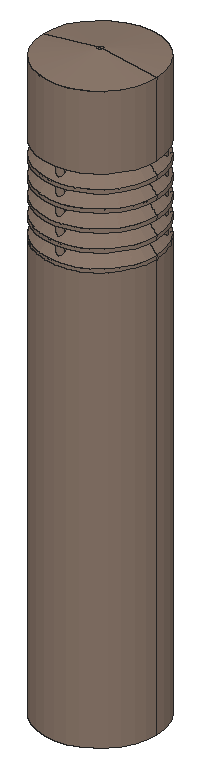
Revit family "BL6051", category Generic Models, Revit 2014
Parameters
  TOP CAP = Bronze, Architectural
  LENS = Acrylic
  DISK LOUVERS = Bronze, Architectural
  BODY = Bronze, Architectural
Reference planes (in)
  plane 1 "Center (Front/Back)": y = 0
  plane 2: z = 0
  plane 3 "Center (Left/Right)": x = 0
Forms (in)
  Revolve 1, solid, material "Bronze, Architectural" <- "TOP CAP"
    sketch origin (0, 0, 0) x (1, 0, 0) y (0, 0, 1)
      loop
        line (4, 41.50023) -> (0.19054, 41.98808)
        arc (0.19054, 41.98808) -> (0.09546, 41.99719) -> (0, 42.00023) r 1.5
        line (0, 42.00023) -> (0, 36.30023) -> (4, 36.30023) -> (4, 41.50023)
      axis (0, 36.30023) -> (0, 42.00023)
    angle from 0 to 360
  Revolve 2, solid, material "Bronze, Architectural" <- "BODY"
    sketch origin (0, 0, 0) x (1, 0, 0) y (0, 0, 1)
      loop
        line (4, 0) -> (4, 30.05023) -> (0, 30.05023) -> (0, 0) -> (4, 0)
      axis (0, 30.05023) -> (0, 0)
    angle from 0 to 360
  Revolve 3, solid, material "Bronze, Architectural" <- "DISK LOUVERS"
    sketch origin (0, 0, 0) x (1, 0, 0) y (0, 0, 1)
      loop
        line (-3.125, 31.30023) -> (-4, 30.30023) -> (-4, 30.05023) -> (-3.875, 30.05023) -> (-3.86627, 30.30023) -> (-3.0625, 31.00023) -> (0, 31.00023) -> (0, 31.30023) -> (-3.125, 31.30023)
      axis (0, 31.30023) -> (0, 30.05023)
    angle from 0 to 360
  Revolve 4, solid, material "Bronze, Architectural" <- "DISK LOUVERS"
    sketch origin (0, 0, 1.25) x (1, 0, 0) y (0, 0, 1)
      loop
        line (-3.125, 31.30023) -> (-4, 30.30023) -> (-4, 30.05023) -> (-3.875, 30.05023) -> (-3.86627, 30.30023) -> (-3.0625, 31.00023) -> (0, 31.00023) -> (0, 31.30023) -> (-3.125, 31.30023)
      axis (0, 31.30023) -> (0, 30.05023)
    angle from 0 to 360
  Revolve 5, solid, material "Bronze, Architectural" <- "DISK LOUVERS"
    sketch origin (0, 0, 2.5) x (1, 0, 0) y (0, 0, 1)
      loop
        line (-3.125, 31.30023) -> (-4, 30.30023) -> (-4, 30.05023) -> (-3.875, 30.05023) -> (-3.86627, 30.30023) -> (-3.0625, 31.00023) -> (0, 31.00023) -> (0, 31.30023) -> (-3.125, 31.30023)
      axis (0, 31.30023) -> (0, 30.05023)
    angle from 0 to 360
  Revolve 6, solid, material "Bronze, Architectural" <- "DISK LOUVERS"
    sketch origin (0, 0, 3.75) x (1, 0, 0) y (0, 0, 1)
      loop
        line (-3.125, 31.30023) -> (-4, 30.30023) -> (-4, 30.05023) -> (-3.875, 30.05023) -> (-3.86627, 30.30023) -> (-3.0625, 31.00023) -> (0, 31.00023) -> (0, 31.30023) -> (-3.125, 31.30023)
      axis (0, 31.30023) -> (0, 30.05023)
    angle from 0 to 360
  Revolve 7, solid, material "Bronze, Architectural" <- "DISK LOUVERS"
    sketch origin (0, 0, 5) x (1, 0, 0) y (0, 0, 1)
      loop
        line (-3.125, 31.30023) -> (-4, 30.30023) -> (-4, 30.05023) -> (-3.875, 30.05023) -> (-3.86627, 30.30023) -> (-3.0625, 31.00023) -> (0, 31.00023) -> (0, 31.30023) -> (-3.125, 31.30023)
      axis (0, 31.30023) -> (0, 30.05023)
    angle from 0 to 360
  Extrusion 8, solid, material "Bronze, Architectural" <- "DISK LOUVERS"
    sketch origin (34.93986, 42.64127, 27) x (0, -1, 0) y (1, 0, 0)
      loop
        line (46.1548, -34.63659) -> (45.74042, -34.53361)
        arc (45.74042, -34.53361) -> (45.76694, -34.93986) -> (45.74042, -35.34611) r 3.125
        line (45.74042, -35.34611) -> (46.1548, -35.24314)
        arc (46.1548, -35.24314) -> (46.39194, -34.93986) -> (46.1548, -34.63659) r 0.3125
    from 2.80023 to 9.50023
  Extrusion 9, solid, material "Acrylic" <- "LENS"
    sketch origin (0, 0, 0) x (1, 0, 0) y (0, 1, 0)
      loop
        circle (0, 0) r 3.0625
    from 29.80023 to 37.18523
  Extrusion 10, solid, material "Bronze, Architectural" <- "DISK LOUVERS"
    sketch origin (19.45849, -51.57944, 27) x (-0.866025, 0.5, 0) y (-0.5, -0.866025, 0)
      loop
        line (46.1548, -34.63659) -> (45.74042, -34.53361)
        arc (45.74042, -34.53361) -> (45.76694, -34.93986) -> (45.74042, -35.34611) r 3.125
        line (45.74042, -35.34611) -> (46.1548, -35.24314)
        arc (46.1548, -35.24314) -> (46.39194, -34.93986) -> (46.1548, -34.63659) r 0.3125
    from 2.80023 to 9.50023
  Extrusion 11, solid, material "Bronze, Architectural" <- "DISK LOUVERS"
    sketch origin (-54.39835, 8.93818, 27) x (0.866025, 0.5, 0) y (-0.5, 0.866025, 0)
      loop
        line (46.1548, -34.63659) -> (45.74042, -34.53361)
        arc (45.74042, -34.53361) -> (45.76694, -34.93986) -> (45.74042, -35.34611) r 3.125
        line (45.74042, -35.34611) -> (46.1548, -35.24314)
        arc (46.1548, -35.24314) -> (46.39194, -34.93986) -> (46.1548, -34.63659) r 0.3125
    from 2.80023 to 9.50023
Lines and regions (in)
  model lines
    curve 1: line (0, 3.875, 0) -> (0, -3.875, 0)
Dimensions and locks (in)
  aligned and locked: plane 2 to level
